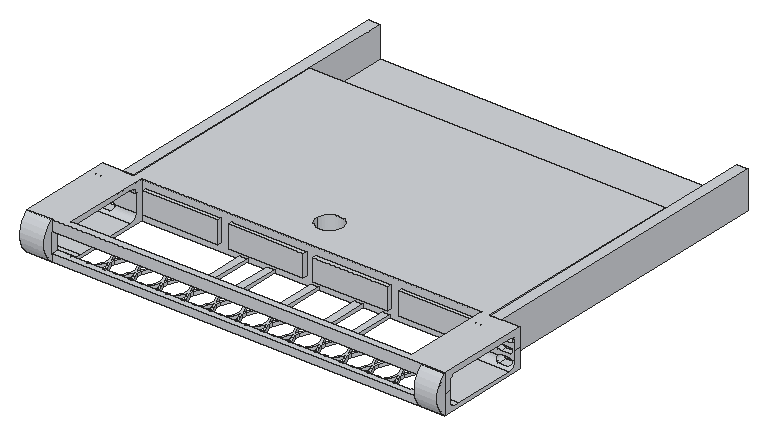
Revit family
Parameters
  Material ID = "760169144"
  Description = "360iP-G2-32-MPO SLIDING SHELF"
Reference planes (in)
  plane 1 "Center (Front/Back)": y = 0
  plane 2: z = 0
  plane 3 "Center (Left/Right)": x = 0
Forms (in)
  Extrusion 1, solid
    sketch origin (0, 0, 0) x (1, 0, 0) y (0, 0, 1)
      loop
        line (-9.5, 0.86) -> (-9.5, 0) -> (-9.5, -0.86) -> (9.5, -0.86) -> (9.5, 0) -> (9.5, 0.86) -> (-9.5, 0.86)
    from 0 to 14.305
  Extrusion 2, void
    sketch origin (0, 0, 0) x (1, 0, 0) y (0, 0, 1)
      loop
        line (8.121, 0.86) -> (8.121, -0.86) -> (9.5, -0.86) -> (9.5, 0.86) -> (8.121, 0.86)
      loop
        line (-9.5, 0.86) -> (-9.5, -0.86) -> (-8.121, -0.86) -> (-8.121, 0.86) -> (-9.5, 0.86)
    from 0 to 10
  Extrusion 3, void
    sketch origin (0, 0, 0) x (1, 0, 0) y (0, 1, 0)
      loop
        line (-7.74155, -10.00387) -> (-7.74155, -14.00387) -> (7.75845, -14.00387) -> (7.75845, -10.00387) -> (-7.74155, -10.00387)
    from -1.56063 to 3.18653
  Extrusion 4, solid
    sketch origin (0, 0, 0) x (1, 0, 0) y (0, 1, 0)
      loop
        line (7.75845, -12.53022) -> (7.75845, -12.00387) -> (-7.74155, -12.00387) -> (-7.74155, -12.53022) -> (7.75845, -12.53022)
    from -0.86 to -0.35784
  Extrusion 5, solid
    sketch origin (0, 0, 0) x (1, 0, 0) y (0, 1, 0)
      loop
        line (-3.25666, -12.00387) -> (-2.92152, -12.00387) -> (-2.92152, -10.00387) -> (-3.25666, -10.00387) -> (-3.25666, -12.00387)
      loop
        line (-2.00666, -12.00387) -> (-1.67152, -12.00387) -> (-1.67152, -10.00387) -> (-2.00666, -10.00387) -> (-2.00666, -12.00387)
      loop
        line (-0.00666, -12.00387) -> (0.32848, -12.00387) -> (0.32848, -10.00387) -> (-0.00666, -10.00387) -> (-0.00666, -12.00387)
      loop
        line (1.99334, -12.00387) -> (2.32848, -12.00387) -> (2.32848, -10.00387) -> (1.99334, -10.00387) -> (1.99334, -12.00387)
      loop
        line (3.24334, -12.00387) -> (3.57848, -12.00387) -> (3.57848, -10.00387) -> (3.24334, -10.00387) -> (3.24334, -12.00387)
      loop
        line (-6.73176, -13.0974) -> (-6.73176, -13.30399) -> (-7.01453, -14.00387) -> (-6.90709, -14.00387) -> (-6.62431, -13.30399) -> (-6.29795, -14.00387) -> (-6.19051, -14.00387) -> (-6.51687, -13.30399) -> (-6.51687, -13.0974) -> (-6.28771, -12.53022) -> (-6.3985, -12.53022) -> (-6.62766, -13.0974) -> (-6.89214, -12.53022) -> (-6.99624, -12.53022) -> (-6.73176, -13.0974)
      loop
        line (-5.53176, -13.0974) -> (-5.53176, -13.30399) -> (-5.81453, -14.00387) -> (-5.70709, -14.00387) -> (-5.42431, -13.30399) -> (-5.09795, -14.00387) -> (-4.99051, -14.00387) -> (-5.31687, -13.30399) -> (-5.31687, -13.0974) -> (-5.08771, -12.53022) -> (-5.1985, -12.53022) -> (-5.42766, -13.0974) -> (-5.69214, -12.53022) -> (-5.79624, -12.53022) -> (-5.53176, -13.0974)
      loop
        line (-4.33176, -13.0974) -> (-4.33176, -13.30399) -> (-4.61453, -14.00387) -> (-4.50709, -14.00387) -> (-4.22431, -13.30399) -> (-3.89795, -14.00387) -> (-3.79051, -14.00387) -> (-4.11687, -13.30399) -> (-4.11687, -13.0974) -> (-3.88771, -12.53022) -> (-3.9985, -12.53022) -> (-4.22766, -13.0974) -> (-4.49214, -12.53022) -> (-4.59624, -12.53022) -> (-4.33176, -13.0974)
      loop
        line (-3.13176, -13.0974) -> (-3.13176, -13.30399) -> (-3.41453, -14.00387) -> (-3.30709, -14.00387) -> (-3.02431, -13.30399) -> (-2.69795, -14.00387) -> (-2.59051, -14.00387) -> (-2.91687, -13.30399) -> (-2.91687, -13.0974) -> (-2.68771, -12.53022) -> (-2.7985, -12.53022) -> (-3.02766, -13.0974) -> (-3.29214, -12.53022) -> (-3.39624, -12.53022) -> (-3.13176, -13.0974)
      loop
        line (-1.93176, -13.0974) -> (-1.93176, -13.30399) -> (-2.21453, -14.00387) -> (-2.10709, -14.00387) -> (-1.82431, -13.30399) -> (-1.49795, -14.00387) -> (-1.39051, -14.00387) -> (-1.71687, -13.30399) -> (-1.71687, -13.0974) -> (-1.48771, -12.53022) -> (-1.5985, -12.53022) -> (-1.82766, -13.0974) -> (-2.09214, -12.53022) -> (-2.19624, -12.53022) -> (-1.93176, -13.0974)
      loop
        line (-0.73176, -13.0974) -> (-0.73176, -13.30399) -> (-1.01453, -14.00387) -> (-0.90709, -14.00387) -> (-0.62431, -13.30399) -> (-0.29795, -14.00387) -> (-0.19051, -14.00387) -> (-0.51687, -13.30399) -> (-0.51687, -13.0974) -> (-0.28771, -12.53022) -> (-0.3985, -12.53022) -> (-0.62766, -13.0974) -> (-0.89214, -12.53022) -> (-0.99624, -12.53022) -> (-0.73176, -13.0974)
      loop
        line (0.46824, -13.0974) -> (0.46824, -13.30399) -> (0.18547, -14.00387) -> (0.29291, -14.00387) -> (0.57569, -13.30399) -> (0.90205, -14.00387) -> (1.00949, -14.00387) -> (0.68313, -13.30399) -> (0.68313, -13.0974) -> (0.91229, -12.53022) -> (0.8015, -12.53022) -> (0.57234, -13.0974) -> (0.30786, -12.53022) -> (0.20376, -12.53022) -> (0.46824, -13.0974)
      loop
        line (1.66824, -13.0974) -> (1.66824, -13.30399) -> (1.38547, -14.00387) -> (1.49291, -14.00387) -> (1.77569, -13.30399) -> (2.10205, -14.00387) -> (2.20949, -14.00387) -> (1.88313, -13.30399) -> (1.88313, -13.0974) -> (2.11229, -12.53022) -> (2.0015, -12.53022) -> (1.77234, -13.0974) -> (1.50786, -12.53022) -> (1.40376, -12.53022) -> (1.66824, -13.0974)
      loop
        line (2.86824, -13.0974) -> (2.86824, -13.30399) -> (2.58547, -14.00387) -> (2.69291, -14.00387) -> (2.97569, -13.30399) -> (3.30205, -14.00387) -> (3.40949, -14.00387) -> (3.08313, -13.30399) -> (3.08313, -13.0974) -> (3.31229, -12.53022) -> (3.2015, -12.53022) -> (2.97234, -13.0974) -> (2.70786, -12.53022) -> (2.60376, -12.53022) -> (2.86824, -13.0974)
      loop
        line (4.06824, -13.0974) -> (4.06824, -13.30399) -> (3.78547, -14.00387) -> (3.89291, -14.00387) -> (4.17569, -13.30399) -> (4.50205, -14.00387) -> (4.60949, -14.00387) -> (4.28313, -13.30399) -> (4.28313, -13.0974) -> (4.51229, -12.53022) -> (4.4015, -12.53022) -> (4.17234, -13.0974) -> (3.90786, -12.53022) -> (3.80376, -12.53022) -> (4.06824, -13.0974)
      loop
        line (5.26824, -13.0974) -> (5.26824, -13.30399) -> (4.98547, -14.00387) -> (5.09291, -14.00387) -> (5.37569, -13.30399) -> (5.70205, -14.00387) -> (5.80949, -14.00387) -> (5.48313, -13.30399) -> (5.48313, -13.0974) -> (5.71229, -12.53022) -> (5.6015, -12.53022) -> (5.37234, -13.0974) -> (5.10786, -12.53022) -> (5.00376, -12.53022) -> (5.26824, -13.0974)
      loop
        line (6.46824, -13.0974) -> (6.46824, -13.30399) -> (6.18547, -14.00387) -> (6.29291, -14.00387) -> (6.57569, -13.30399) -> (6.90205, -14.00387) -> (7.00949, -14.00387) -> (6.68313, -13.30399) -> (6.68313, -13.0974) -> (6.91229, -12.53022) -> (6.8015, -12.53022) -> (6.57234, -13.0974) -> (6.30786, -12.53022) -> (6.20376, -12.53022) -> (6.46824, -13.0974)
    from -0.86 to -0.21022
  Extrusion 6, void
    sketch origin (0, 0, 0) x (0, 1, 0) y (0, 0, 1)
      loop
        line (-10.28995, -0.41448) -> (-10.28995, 0.34906)
        arc (-10.28995, 0.34906) -> (-10.37781, 0.56119) -> (-10.58995, 0.64906) r 0.3
        line (-10.58995, 0.64906) -> (-13.69253, 0.64906)
        arc (-13.69253, 0.64906) -> (-13.91268, 0.55787) -> (-14.00387, 0.33772) r 0.31134
        line (-14.00387, 0.33772) -> (-14.00387, -0.42429)
        arc (-14.00387, -0.42429) -> (-13.91707, -0.63385) -> (-13.70752, -0.72065) r 0.29635
        line (-13.70752, -0.72065) -> (-13.48589, -0.72065) -> (-10.59611, -0.72065)
        arc (-10.59611, -0.72065) -> (-10.37962, -0.63097) -> (-10.28995, -0.41448) r 0.30616
    from -11.18521 to 12
  Extrusion 7, void
    sketch origin (0, 0, 0) x (1, 0, 0) y (0, 1, 0)
      loop
        line (-3.76736, -10.00387) -> (-3.76736, -10.60387) -> (4.73264, -10.60387) -> (4.73264, -10.00387) -> (-3.76736, -10.00387)
    from -0.72065 to 0.2628
  Extrusion 8, solid
    sketch origin (0, 0, 0) x (0, 1, 0) y (0, 0, 1)
      loop
        arc (-14.305, 0.86) -> (-14.7374, 0) -> (-14.305, -0.86) r 1.07143
        line (-14.305, -0.86) -> (-14.305, 0.86)
    from -9.5 to -8.3892
  Extrusion 9, solid
    sketch origin (0, 0, 0) x (0, 1, 0) y (0, 0, 1)
      loop
        arc (-14.305, 0.86) -> (-14.7374, 0) -> (-14.305, -0.86) r 1.07143
        line (-14.305, -0.86) -> (-14.305, 0.86)
    from 8.46415 to 9.5
  Extrusion 10, void
    sketch origin (0, 0, 0) x (1, 0, 0) y (0, 0, 1)
      loop
        line (-8.3892, 0.398) -> (-8.3892, -0.54894) -> (8.46415, -0.54894) -> (8.46415, 0.398) -> (-8.3892, 0.398)
    from 14.94442 to 12
  Extrusion 11, void
    sketch origin (0, 0, 0) x (1, 0, 0) y (0, 0, 1)
      loop
        line (-8.83958, 0.5628) -> (-9.26111, 0.5628)
        arc (-9.26111, 0.5628) -> (-9.41111, 0.4128) -> (-9.26111, 0.2628) r 0.15
        line (-9.26111, 0.2628) -> (-8.83958, 0.2628)
        arc (-8.83958, 0.2628) -> (-8.68958, 0.4128) -> (-8.83958, 0.5628) r 0.15
      loop
        line (-8.83958, 0.08978) -> (-9.26111, 0.08978)
        arc (-9.26111, 0.08978) -> (-9.41111, -0.06022) -> (-9.26111, -0.21022) r 0.15
        line (-9.26111, -0.21022) -> (-8.83958, -0.21022)
        arc (-8.83958, -0.21022) -> (-8.68958, -0.06022) -> (-8.83958, 0.08978) r 0.15
      loop
        line (-8.84458, -0.35784) -> (-9.26611, -0.35784)
        arc (-9.26611, -0.35784) -> (-9.41611, -0.50784) -> (-9.26611, -0.65784) r 0.15
        line (-9.26611, -0.65784) -> (-8.84458, -0.65784)
        arc (-8.84458, -0.65784) -> (-8.69458, -0.50784) -> (-8.84458, -0.35784) r 0.15
      loop
        arc (8.83958, 0.5628) -> (8.68958, 0.4128) -> (8.83958, 0.2628) r 0.15
        line (8.83958, 0.2628) -> (9.26111, 0.2628)
        arc (9.26111, 0.2628) -> (9.41111, 0.4128) -> (9.26111, 0.5628) r 0.15
        line (9.26111, 0.5628) -> (8.83958, 0.5628)
      loop
        arc (8.83958, 0.08978) -> (8.68958, -0.06022) -> (8.83958, -0.21022) r 0.15
        line (8.83958, -0.21022) -> (9.26111, -0.21022)
        arc (9.26111, -0.21022) -> (9.41111, -0.06022) -> (9.26111, 0.08978) r 0.15
        line (9.26111, 0.08978) -> (8.83958, 0.08978)
      loop
        arc (8.84458, -0.35784) -> (8.69458, -0.50784) -> (8.84458, -0.65784) r 0.15
        line (8.84458, -0.65784) -> (9.26611, -0.65784)
        arc (9.26611, -0.65784) -> (9.41611, -0.50784) -> (9.26611, -0.35784) r 0.15
        line (9.26611, -0.35784) -> (8.84458, -0.35784)
    from 0 to 12
  Extrusion 12, void
    sketch origin (0, 0, 0) x (1, 0, 0) y (0, 1, 0)
      loop
        circle (-0.49428, -8.32902) r 0.6
    from 0 to 1.66308
  Extrusion 13, solid
    sketch origin (0, 0, 0) x (1, 0, 0) y (0, 1, 0)
      loop
        line (8.66312, -10) -> (8.66312, 4) -> (8.16312, 4) -> (8.16312, -10) -> (8.66312, -10)
      loop
        line (-8.116, -10) -> (-8.116, 4) -> (-8.616, 4) -> (-8.616, -10) -> (-8.116, -10)
    from -0.86 to 0.86
  Extrusion 14, solid
    sketch origin (0, 0, 0) x (1, 0, 0) y (0, 1, 0)
      loop
        line (8.16312, 4) -> (-8.116, 4) -> (-8.116, 1.2) -> (8.16312, 1.2) -> (8.16312, 4)
    from -0.86 to -0.54894
  Extrusion 15, solid
    sketch origin (-7.74155, -10.00387, 0) x (1, 0, 0) y (0, 0, 1)
      loop
        line (0.21853, 0.52624) -> (0.21853, -0.47376) -> (3.61853, -0.47376) -> (3.61853, 0.52624) -> (0.21853, 0.52624)
      loop
        line (4.11853, 0.52624) -> (4.11853, -0.47376) -> (7.51853, -0.47376) -> (7.51853, 0.52624) -> (4.11853, 0.52624)
      loop
        line (15.26457, 0.52624) -> (11.86457, 0.52624) -> (11.86457, -0.47376) -> (15.26457, -0.47376) -> (15.26457, 0.52624)
      loop
        line (11.36457, 0.52624) -> (7.96457, 0.52624) -> (7.96457, -0.47376) -> (11.36457, -0.47376) -> (11.36457, 0.52624)
    from 0 to 0.2
Cuts and joins
  Extrusion 2, Extrusion 3, Extrusion 6, Extrusion 7, Extrusion 10, Extrusion 11, Extrusion 12 cuts Extrusion 1
  Extrusion 6 cuts Extrusion 4
  Extrusion 6, Extrusion 7, Extrusion 10 cuts Extrusion 5
Dimensions and locks (in)
  aligned and locked: Extrusion 4 sketch curve to cut or joined group of Extrusion 1, Extrusion 2, Extrusion 3, Extrusion 6, Extrusion 7, Extrusion 10, Extrusion 11, Extrusion 12
